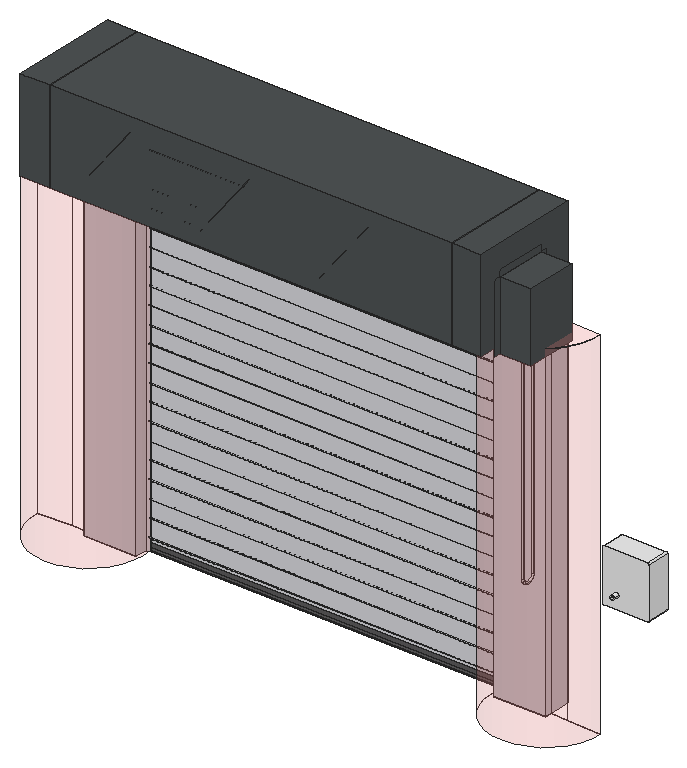
Revit family "RapidShield-High-Speed-Exterior-Metal-Door_OHD_Model-998_compact", category Specialty Equipment, host Wall, Revit 2023
Family settings
  Host = Wall
  Round Connector Dimension = Use Diameter
  Part Type = Normal
  OmniClass Number = 23.30.10.21.34
  OmniClass Title = Industrial Doors
  Enable Cutting in Views = No
  Always vertical = Yes
  Cut with Voids When Loaded = No
  Maintain Annotation Orientation = No
  Shared = No
  Room Calculation Point = No
Parameters (values of type "230 volts, three phase, 60 Hz (208-245V range)")
  Version = "1.00.01"  # constant formula
  True Width [instance] = [Door Width (Real)]  # 10' - 0"
  True Height [instance] = [Door Height (Real)]  # 10' - 0"
  Top Slat Array [instance] = if(Amount of Top Slats > 1, 1 < 2, 1 > 2)  # yes
  Slat Type [instance] = if(or(Slat Option = 1, Slat Option < 1), "Standard", if(Slat Option = 2, "Perforated Aluminum Slats", "Polycarbonate Panels"))  # "Standard"
  Slat Option [instance] = 1
  Slat Material = Metal - Overhead Door - Silver
  Slat Height = 0' - 5 13/16"  # constant formula
  Real Width [instance] = roundup([Door Width (Real)] / 1' 0")  # 10
  Product Page URL = "https://www.overheaddoor.com/high-speed-doors-998"
  Powder Coat (Note) = "PowderGuard® Premium powder coat options are available in approximately 200 colors as well as custom matching to specification. "  # constant formula
  Optional Slat Array [instance] = not([1st Optional Slat])  # yes
  Motor Cover [instance] = yes
  Lookup Table = "Door Limits"  # constant formula
  Insulated Slat Option [instance] = if(or(Guide Option = 2, Guide Option = 4, Guide Option > 4), 1 = 1, 1 = 2)  # no
  Hood Option [instance] = yes
  Hood Material = Metal - Overhead Door - Black
  Headroom Height [instance] = if(or(Header Option < 1, Header Option = 1), 2' 8", 3' 2")  # 2' - 8"
  Header Type [instance] = if(or(Header Option < 1, Header Option = 1), "Standard Header", "Large Header")  # "Standard Header"
  Header Option [instance] = if(or(True Height < 15' 0", True Height = 15' 0"), 1, 2)  # 1
  Guide Type [instance] = if(or(Guide Option < 1, Guide Option = 1), "Wide Guide - Non-Insulated", if(Guide Option = 2, "Wide Guide - Insulated", if(Guide Option = 3, "Slim Guide - Non-Insulated", "Slim Guide - Insulated")))  # "Wide Guide - Non-Insulated"
  Guide Option [instance] = 1
  External Transformer = no
  Door Width (Real) [instance] = if(Door Width > Max Door Width, Max Door Width, if(Door Width < Min Door Width, Min Door Width, Door Width))  # 10' - 0"
  Door Height (Real) [instance] = if(Door Height > Max Door Height, Max Door Height, if(Door Height < Min Door Height, Min Door Height, Door Height))  # 10' - 0"
  Optional Slats Section Height [instance] = Slat Height * [Amount of Optional Slats (Real)]  # 1' - 11 1/4"
  Rough Width [instance] = [Door Width (Real)]  # 10' - 0"
  Rough Height [instance] = [Door Height (Real)] - 0' 1 1/4"  # 9' - 10 3/4"
  Opening Width [instance] = Rough Width  # 10' - 0"
  Opening Height [instance] = Rough Height  # 9' - 10 3/4"
  Voltage = 230 V
  URL = "https://www.overheaddoor.com/"
  Product data url = "https://www.bimobject.com/overhead-door/product/high-speed-exterior-metal-door-998"
  Product Guid = "47d9bbf6-8e58-479b-a541-8becfc739ce1"
  Power Factor = 1
  Number of Poles = 3
  Model = "998"  # constant formula
  Min Door Width [instance] = 4' - 0"  # constant formula
  Min Door Height [instance] = 2' - 0"  # constant formula
  Max Door Width [instance] = if(or(Slat Option = 2, Guide Option = 2, Guide Option = 4, Guide Option > 4), 20' 0", 26' 0")  # 26' - 0"
  Max Door Height [instance] = if(or(Guide Option = 1, Guide Option < 1), size_lookup(Lookup Table, "A", 21' 0", Real Width), if(Guide Option = 2, 21' 0", if(Guide Option = 3, size_lookup(Lookup Table, "B", 21' 0", Real Width), if(or(Guide Option = 4, Guide Option > 4), size_lookup(Lookup Table, "C", 21' 0", Real Width), 21' 0"))))  # 21' - 0"
  Manufacturer = "Overhead Door Corporation"  # constant formula
  Frequency = 60 Hz  # constant formula
  Wall Closure = By host
  Floor To (CL) of Shaft [instance] = if(or(Header Option < 1, Header Option = 1), Opening Height + 1' 4", Opening Height + 1' 7 161/256")  # 11' - 2 3/4"
  Dimensions Limit (Note) [instance] = "Maximum Height dependant on Width input, see specifications for further detail"  # constant formula
  Default Elevation = 0' - 0"
  Date Updated = "2026/05/29"  # constant formula
  Connector Description = "Rapidflex Large Control Panel"  # constant formula
  Bottom Slats Section Height [instance] = Slat Height * [Amount of Bottom Slats (Real)]  # 3' - 10 1/2"
  Finish Material = Metal - Overhead Door - Silver
  Door Width [instance] = 10' - 0"
  Door Height [instance] = 10' - 0"
  Description = "RapidShield® Model 998 is a heavy-duty exterior door that features a solid aluminum curtain with opening speeds up to 80” per second. Engineered for high cycles and easy operation, RapidShield® Model 998 has been independently tested and is capable of withstanding wind load of up to 100 psf*. With a focus on safety, RapidShield® Model 998 also features patent-pending integrated curtain-monitoring device, a safety light curtain, and a monitored wireless reversing edge. This door is perfect for applications where security and privacy are a priority."  # constant formula
  Current = 20 A
  Clearance [instance] = yes
  Bottom Rail (Width) = 0' - 9 3/8"  # constant formula
  Bottom Slat Array [instance] = not([1st Bottom Slat])  # yes
  BimObject_Variable_Connectors = "No"  # constant formula
  Backroom Depth [instance] = if(or(Header Option < 1, Header Option = 1), 3' 0 1/2", 3' 6 1/2")  # 3' - 0 1/2"
  Apparent Load Phase 3 = if(Number of Poles = 1, 0 VA, (Voltage * Current * sqrt(3)) / 3)  # 2655.81 VA
  Apparent Load Phase 2 = if(Number of Poles = 1, 0 VA, (Voltage * Current * sqrt(3)) / 3)  # 2655.81 VA
  Apparent Load Phase 1 = if(Number of Poles = 1, Voltage * Current, (Voltage * Current * sqrt(3)) / 3)  # 2655.81 VA
  Amount of Top Slats (Array) [instance] = if(Amount of Top Slats < 2, 2, Amount of Top Slats)  # 9
  Amount of Top Slats [instance] = if((Actual Number of Slats - [Amount of Optional Slats (Real)] - [Amount of Bottom Slats (Real)]) < 1, 0, (Actual Number of Slats - [Amount of Optional Slats (Real)] - [Amount of Bottom Slats (Real)]))  # 9
  Amount of Optional Slats (Real) [instance] = if(or(Amount of Optional Slats = 1, Amount of Optional Slats < 1), 1, if(Amount of Optional Slats > 4, 4, Amount of Optional Slats))  # 4
  Amount of Optional Slats (Array) [instance] = if(or([Amount of Optional Slats (Real)] < 2, [Amount of Optional Slats (Real)] = 2), 2, [Amount of Optional Slats (Real)])  # 4
  Amount of Optional Slats [instance] = 4
  Amount of Bottom Slats (Real) [instance] = if(Amount of Bottom Slats < 1, 1, if(Amount of Bottom Slats > (Actual Number of Slats - [Amount of Optional Slats (Real)]), (Actual Number of Slats - [Amount of Optional Slats (Real)]), Amount of Bottom Slats))  # 8
  Amount of Bottom Slats (Array) [instance] = if(or([Amount of Bottom Slats (Real)] < 2, [Amount of Bottom Slats (Real)] = 2), 2, [Amount of Bottom Slats (Real)])  # 8
  Amount of Bottom Slats [instance] = 8
  Actual Number of Slats [instance] = roundup(([Door Height (Real)] - [Bottom Rail (Width)]) / 0' 5 13/16" + 1)  # 21
  1st Top Slat [instance] = if(Amount of Top Slats = 1, 1 < 2, 1 > 2)  # no
  1st Optional Slat [instance] = if(or([Amount of Optional Slats (Real)] = 1, [Amount of Optional Slats (Real)] < 1), 1 < 2, 1 > 2)  # no
  1st Bottom Slat [instance] = if([Amount of Bottom Slats (Real)] = 1, 1 < 2, 1 > 2)  # no
Reference planes (in)
  plane 1 "Center (Front/Back)": y = 0
  plane 2 "Center (Left/Right)": x = 0
  plane 3 "Left": x = -60
  plane 4 "Right": x = 60
  plane 5 "Top": z = 120
  plane 6 "Exterior": y = 3
  plane 7 "Interior": y = -3
  plane 8: x = 60
  plane 9: x = -60
  plane 10: z = 118.75
  plane 11: z = 150.75
  plane 12 "Main": y = -7.11719
  plane 13: y = -39.5
  plane 14 "Bottom Rail": z = 9.375
  plane 15 "Main Door Block": y = -3
  plane 16: z = 47.47
  plane 17: z = 61.6875
  plane 18: z = 73.3125
  plane 19: z = 50.0625
  plane 20: z = 2.5
  plane 21: y = -7.61719
  plane 22: y = -6.61719
  plane 23 "1st Bottom Slat": z = 2.5
  plane 24: z = 79.125
  plane 25: z = 15.1875
  plane 26: z = 3.5625
Forms (in)
  Extrusion 1, solid, material "Plastic - Overhead Door - Nylon"
    sketch origin (0, 0, 0) x (0, 1, 0) y (0, 0, 1)
      loop
        line (-7.61719, 2.5) -> (-7.61719, 1.064) -> (-7.73131, 0.25198) -> (-7.93536, 0) -> (-6.29902, 0) -> (-6.50307, 0.25198) -> (-6.61719, 1.064) -> (-6.61719, 2.5) -> (-7.61719, 2.5)
    from -60 to 60
Lines and regions (in)
  Opening 1
    outline origin (-90, -3, 0) x (1, 0, 0) y (0, 0, 1)
      loop
        line (30, 0) -> (150, 0) -> (150, 118.75) -> (30, 118.75) -> (30, 0)
Text (in)
  text "Exterior" at (-74.96733, 27.31104, 0), in view "Ref. Level"
  text "Interior" at (-74.96733, -25.14366, 0), in view "Ref. Level"
  text "Exterior" at (0, 40.15149, 123.01588), in view "Right"
  text "Interior" at (0, -64.39139, 123.01588), in view "Right"
  text "Interior" at (0, -31.01599, 123.00693), in view "Left"
  text "Exterior" at (0, 54.57065, 123.00693), in view "Left"
Dimensions and locks (in)
  equal spacing: plane 3 "Left", plane 2 "Center (Left/Right)", plane 4 "Right"
  "Door Height (Real)": level to plane 5 "Top"
  "Door Width (Real)": plane 3 "Left" to plane 4 "Right"
  host wall to plane 5 "Top" = 10' - 0"
  level to host wall = 38' - 3.59655"
  "Rough Height": level to plane 10
  equal spacing: plane 9, plane 2 "Center (Left/Right)", plane 8
  "Rough Width": plane 8 to plane 9
  "Headroom Height": plane 10 to plane 11
  "Backroom Depth": plane 7 "Interior" to plane 13
  "Bottom Rail (Width)": plane 14 "Bottom Rail" to level
  plane 10 to level = 9' - 10 3/4"
  locked: plane 15 "Main Door Block" to plane 12 "Main" at 4.11719
  plane 1 "Center (Front/Back)" to plane 7 "Interior" = 0' - 3"
  equal spacing: plane 18, plane 17, plane 19
  "Optional Slats Section Height": plane 18 to plane 19
  equal spacing: plane 21, plane 12 "Main", plane 22
  locked: plane 21 to plane 22 at 1
  locked: Extrusion 1 sketch curve to Extrusion 1 sketch curve at 0.82  (x2)
  locked: plane 20 to Extrusion 1 sketch curve at 1.436  (x2)
  locked: plane 23 "1st Bottom Slat" to level at 2.5
  equal spacing: group 1, group 7, group 8, group 2  (x3)
  "Slat Height": plane 18 to plane 24
  equal spacing: group 3, group 4, group 15, group 16, group 17, group 18, group 19, group 20, group 21  (x3)
  "Slat Height": plane 25 to plane 14 "Bottom Rail"
  "Bottom Slats Section Height": plane 19 to plane 26
  locked: plane 26 to level at 3.5625
  equal spacing: group 5, group 6, group 9, group 10, group 11, group 12, group 13, group 14  (x3)
  plane 23 "1st Bottom Slat" to plane 26 = 0' - 1 1/16"
  locked: Extrusion 1 sketch curve to Extrusion 1 sketch curve (angle 172.00°)  (x2)
  locked: Extrusion 1 sketch curve to Extrusion 1 sketch curve (angle 149.00°)  (x2)
  aligned and locked: Opening 1 sketch curve to level
  aligned and locked: plane 6 "Exterior" to host wall
  aligned and locked: host wall to plane 7 "Interior"
  aligned and locked: plane 9 to Opening 1 sketch curve
  aligned and locked: plane 8 to Opening 1 sketch curve
  aligned and locked: Opening 1 sketch curve to plane 10
  aligned and locked: Extrusion 1 to plane 4 "Right"
  aligned and locked: plane 3 "Left" to Extrusion 1
  aligned and locked: nested 1 to plane 7 "Interior"
  aligned and locked: nested 1 to plane 2 "Center (Left/Right)"
  aligned and locked: level to nested 1
  aligned and locked: plane 15 "Main Door Block" to plane 7 "Interior"
  aligned and locked: plane 20 to Extrusion 1 sketch curve
  aligned and locked: plane 21 to Extrusion 1 sketch curve
  aligned and locked: plane 22 to Extrusion 1 sketch curve
  aligned and locked: Extrusion 1 sketch curve to level
  aligned and locked: nested 2 to plane 19
  aligned and locked: plane 18 to nested 3
  aligned and locked: plane 12 "Main" to nested 3
  aligned and locked: plane 12 "Main" to nested 2
  aligned and locked: nested 4 to plane 19
  aligned and locked: plane 18 to nested 5
  aligned and locked: plane 12 "Main" to nested 4
  aligned and locked: plane 12 "Main" to nested 5
  aligned and locked: plane 18 to nested 6
  aligned and locked: nested 7 to plane 24
  aligned and locked: plane 12 "Main" to nested 6
  aligned and locked: plane 12 "Main" to nested 7
  aligned and locked: nested 8 to plane 26
  aligned and locked: nested 9 to plane 14 "Bottom Rail"
  aligned and locked: plane 12 "Main" to nested 9
  aligned and locked: plane 12 "Main" to nested 8
  aligned and locked: nested 10 to plane 26
  aligned and locked: nested 10 to plane 12 "Main"
Nested families (in)
  nested 1: "Lifts" at (0, -3, 0) x (-1, 0, 0) z (0, 0, 1), Header Option <- "Header Option", Guid Option <- "Guide Option", Header Height <- "Headroom Height", Header Width <- "Backroom Depth", Motor Cover <- "Motor Cover", type "Frame Unit"
    with Spool Radius 1' - 2", Right Motor Position yes, Motor Cover Off no, Motor Cover yes, Masking Region Right Motor no, Masking Region Left Motor no, Left Motor Position no, Header Width 3' - 0 1/2", Header Option 1, Header Height 2' - 8", Guid Width 1' - 5 1/4", Guid Option 1, Floor To (CL) of Shaft 11' - 2 3/4", Electric Operator Position 17' - 1 1/2", Clearance (Wide Guid) yes, Clearance (Slim Guid) no, CL Shaft Offset 1' - 0"
  nested 2: "Slat" at (0, -7.11719, 55.875) x (1, 0, 0) z (0, 0, -1), visible <- "1st Optional Slat", Slat Option <- "Slat Option", type "Slat"
    with Standard Slat Bottom Rail no, Standard Slat yes, Slat Option 1, Polycarbonate Slat Bottom Rail no, Polycarbonate Slat no, Perforated Slat Bottom Rail no, Perforated Slat no, Bottom Rail no
  nested 3: "Slat" at (0, -7.11719, 79.125) x (1, 0, 0) z (0, 0, -1), visible <- "1st Top Slat", type "Slat"
    with Standard Slat Bottom Rail no, Standard Slat yes, Slat Option 1, Polycarbonate Slat Bottom Rail no, Polycarbonate Slat no, Perforated Slat Bottom Rail no, Perforated Slat no, Bottom Rail no
  nested 4: "Slat" at (0, -7.11719, 55.875) x (1, 0, 0) z (0, 0, -1), visible <- "Optional Slat Array", Slat Option <- "Slat Option", type "Slat"
    with Standard Slat Bottom Rail no, Standard Slat yes, Slat Option 1, Polycarbonate Slat Bottom Rail no, Polycarbonate Slat no, Perforated Slat Bottom Rail no, Perforated Slat no, Bottom Rail no
  nested 5: "Slat" at (0, -7.11719, 73.3125) x (1, 0, 0) z (0, 0, -1), visible <- "Optional Slat Array", Slat Option <- "Slat Option", type "Slat"
    with Standard Slat Bottom Rail no, Standard Slat yes, Slat Option 1, Polycarbonate Slat Bottom Rail no, Polycarbonate Slat no, Perforated Slat Bottom Rail no, Perforated Slat no, Bottom Rail no
  nested 6: "Slat" at (0, -7.11719, 79.125) x (1, 0, 0) z (0, 0, -1), visible <- "Top Slat Array", type "Slat"
    with Standard Slat Bottom Rail no, Standard Slat yes, Slat Option 1, Polycarbonate Slat Bottom Rail no, Polycarbonate Slat no, Perforated Slat Bottom Rail no, Perforated Slat no, Bottom Rail no
  nested 7: "Slat" at (0, -7.11719, 84.9375) x (1, 0, 0) z (0, 0, -1), visible <- "Top Slat Array", type "Slat"
    with Standard Slat Bottom Rail no, Standard Slat yes, Slat Option 1, Polycarbonate Slat Bottom Rail no, Polycarbonate Slat no, Perforated Slat Bottom Rail no, Perforated Slat no, Bottom Rail no
  nested 8: "Slat" at (0, -7.11719, 9.375) x (1, 0, 0) z (0, 0, -1), visible <- "Bottom Slat Array", type "Slat"
    with Standard Slat Bottom Rail no, Standard Slat yes, Slat Option 1, Polycarbonate Slat Bottom Rail no, Polycarbonate Slat no, Perforated Slat Bottom Rail no, Perforated Slat no, Bottom Rail no
  nested 9: "Slat" at (0, -7.11719, 15.1875) x (1, 0, 0) z (0, 0, -1), visible <- "Bottom Slat Array", type "Slat"
    with Standard Slat Bottom Rail no, Standard Slat yes, Slat Option 1, Polycarbonate Slat Bottom Rail no, Polycarbonate Slat no, Perforated Slat Bottom Rail no, Perforated Slat no, Bottom Rail no
  nested 10: "Slat" at (0, -7.11719, 3.5625), type "Slat"
    with Standard Slat Bottom Rail yes, Standard Slat yes, Slat Option 1, Polycarbonate Slat Bottom Rail no, Polycarbonate Slat no, Perforated Slat Bottom Rail no, Perforated Slat no, Bottom Rail yes
  nested 11: "Slat" at (0, -7.11719, 61.6875) x (1, 0, 0) z (0, 0, -1), visible <- "Optional Slat Array", Slat Option <- "Slat Option", type "Slat"
    with Standard Slat Bottom Rail no, Standard Slat yes, Slat Option 1, Polycarbonate Slat Bottom Rail no, Polycarbonate Slat no, Perforated Slat Bottom Rail no, Perforated Slat no, Bottom Rail no
  nested 12: "Slat" at (0, -7.11719, 67.5) x (1, 0, 0) z (0, 0, -1), visible <- "Optional Slat Array", Slat Option <- "Slat Option", type "Slat"
    with Standard Slat Bottom Rail no, Standard Slat yes, Slat Option 1, Polycarbonate Slat Bottom Rail no, Polycarbonate Slat no, Perforated Slat Bottom Rail no, Perforated Slat no, Bottom Rail no
  nested 13: "Slat" at (0, -7.11719, 21) x (1, 0, 0) z (0, 0, -1), visible <- "Bottom Slat Array", type "Slat"
    with Standard Slat Bottom Rail no, Standard Slat yes, Slat Option 1, Polycarbonate Slat Bottom Rail no, Polycarbonate Slat no, Perforated Slat Bottom Rail no, Perforated Slat no, Bottom Rail no
  nested 14: "Slat" at (0, -7.11719, 26.8125) x (1, 0, 0) z (0, 0, -1), visible <- "Bottom Slat Array", type "Slat"
    with Standard Slat Bottom Rail no, Standard Slat yes, Slat Option 1, Polycarbonate Slat Bottom Rail no, Polycarbonate Slat no, Perforated Slat Bottom Rail no, Perforated Slat no, Bottom Rail no
  nested 15: "Slat" at (0, -7.11719, 32.625) x (1, 0, 0) z (0, 0, -1), visible <- "Bottom Slat Array", type "Slat"
    with Standard Slat Bottom Rail no, Standard Slat yes, Slat Option 1, Polycarbonate Slat Bottom Rail no, Polycarbonate Slat no, Perforated Slat Bottom Rail no, Perforated Slat no, Bottom Rail no
  nested 16: "Slat" at (0, -7.11719, 38.4375) x (1, 0, 0) z (0, 0, -1), visible <- "Bottom Slat Array", type "Slat"
    with Standard Slat Bottom Rail no, Standard Slat yes, Slat Option 1, Polycarbonate Slat Bottom Rail no, Polycarbonate Slat no, Perforated Slat Bottom Rail no, Perforated Slat no, Bottom Rail no
  nested 17: "Slat" at (0, -7.11719, 44.25) x (1, 0, 0) z (0, 0, -1), visible <- "Bottom Slat Array", type "Slat"
    with Standard Slat Bottom Rail no, Standard Slat yes, Slat Option 1, Polycarbonate Slat Bottom Rail no, Polycarbonate Slat no, Perforated Slat Bottom Rail no, Perforated Slat no, Bottom Rail no
  nested 18: "Slat" at (0, -7.11719, 50.0625) x (1, 0, 0) z (0, 0, -1), visible <- "Bottom Slat Array", type "Slat"
    with Standard Slat Bottom Rail no, Standard Slat yes, Slat Option 1, Polycarbonate Slat Bottom Rail no, Polycarbonate Slat no, Perforated Slat Bottom Rail no, Perforated Slat no, Bottom Rail no
  nested 19: "Slat" at (0, -7.11719, 90.75) x (1, 0, 0) z (0, 0, -1), visible <- "Top Slat Array", type "Slat"
    with Standard Slat Bottom Rail no, Standard Slat yes, Slat Option 1, Polycarbonate Slat Bottom Rail no, Polycarbonate Slat no, Perforated Slat Bottom Rail no, Perforated Slat no, Bottom Rail no
  nested 20: "Slat" at (0, -7.11719, 96.5625) x (1, 0, 0) z (0, 0, -1), visible <- "Top Slat Array", type "Slat"
    with Standard Slat Bottom Rail no, Standard Slat yes, Slat Option 1, Polycarbonate Slat Bottom Rail no, Polycarbonate Slat no, Perforated Slat Bottom Rail no, Perforated Slat no, Bottom Rail no
  nested 21: "Slat" at (0, -7.11719, 102.375) x (1, 0, 0) z (0, 0, -1), visible <- "Top Slat Array", type "Slat"
    with Standard Slat Bottom Rail no, Standard Slat yes, Slat Option 1, Polycarbonate Slat Bottom Rail no, Polycarbonate Slat no, Perforated Slat Bottom Rail no, Perforated Slat no, Bottom Rail no
  nested 22: "Slat" at (0, -7.11719, 108.1875) x (1, 0, 0) z (0, 0, -1), visible <- "Top Slat Array", type "Slat"
    with Standard Slat Bottom Rail no, Standard Slat yes, Slat Option 1, Polycarbonate Slat Bottom Rail no, Polycarbonate Slat no, Perforated Slat Bottom Rail no, Perforated Slat no, Bottom Rail no
  nested 23: "Slat" at (0, -7.11719, 114) x (1, 0, 0) z (0, 0, -1), visible <- "Top Slat Array", type "Slat"
    with Standard Slat Bottom Rail no, Standard Slat yes, Slat Option 1, Polycarbonate Slat Bottom Rail no, Polycarbonate Slat no, Perforated Slat Bottom Rail no, Perforated Slat no, Bottom Rail no
  nested 24: "Slat" at (0, -7.11719, 119.8125) x (1, 0, 0) z (0, 0, -1), visible <- "Top Slat Array", type "Slat"
    with Standard Slat Bottom Rail no, Standard Slat yes, Slat Option 1, Polycarbonate Slat Bottom Rail no, Polycarbonate Slat no, Perforated Slat Bottom Rail no, Perforated Slat no, Bottom Rail no
  nested 25: "Slat" at (0, -7.11719, 125.625) x (1, 0, 0) z (0, 0, -1), visible <- "Top Slat Array", type "Slat"
    with Standard Slat Bottom Rail no, Standard Slat yes, Slat Option 1, Polycarbonate Slat Bottom Rail no, Polycarbonate Slat no, Perforated Slat Bottom Rail no, Perforated Slat no, Bottom Rail no
Connectors (in)
  electrical at (102.74935, -10.54, 48), driven by "Number of Poles", driven by "Voltage", driven by "Apparent Load Phase 1", driven by "Power Factor", driven by "Connector Description", driven by "Apparent Load Phase 2", driven by "Apparent Load Phase 3"
    settings: on nested 1, index 1, voltage 230 V, apparent load 0 VA, apparent load phase1 2655.81 VA, apparent load phase2 2655.81 VA, apparent load phase3 2655.81 VA, power factor 1, load classification "Other", number of poles 3, system type 31, power factor state 1, is connector primary yes, connector utility no, sub classification motor no, connector description "Rapidflex Large Control Panel"
Definition of nested family "Lifts"
  Parameters (values of type "Frame Unit")
    Spool Radius [instance] = if(or(Header Option < 1, Header Option = 1), 1' 2", 1' 5.7")  # 1' - 5.7"
    Shaft Material = none
    Right Motor Position [instance] = yes
    Opening Width = 10' - 0"
    Naked Header = not(Hood Option)  # no
    Motor Cover Off [instance] = not(Motor Cover)  # no
    Motor Cover [instance] = yes
    Masking Region Right Motor [instance] = if(and(Right Motor Position, Motor Cover Off), 1 = 1, 1 = 2)  # no
    Masking Region Left Motor [instance] = if(and(Left Motor Position, Motor Cover Off), 1 = 1, 1 = 2)  # no
    Left Motor Position [instance] = yes
    Hood Option = yes
    Hood Material = none
    Header Width [instance] = 3' - 6 1/2"
    Header Option [instance] = 2
    Header Height [instance] = 3' - 2"
    Guid Width [instance] = if(or(Guid Option > 3, Guid Option = 3), 1' 0.63", 1' 5 1/4")  # 1' - 5 1/4"
    Guid Option [instance] = 1
    External Transformer = no
    Electric Operator Position [instance] = if(Right Motor Position, (3' 6 3/4" * 2 + Opening Width), 0' 0")  # 17' - 1 1/2"
    Clearance (Wide Guid) [instance] = if(and(Clearance, or(Guid Option < 2, Guid Option = 2)), 1 < 2, 1 > 2)  # yes
    Clearance (Slim Guid) [instance] = if(and(Clearance, or(Guid Option > 3, Guid Option = 3)), 1 < 2, 1 > 2)  # no
    Clearance = yes
    Opening Height = 9' - 10 3/4"
    Floor To (CL) of Shaft [instance] = if(or(Header Option < 1, Header Option = 1), Opening Height + 1' 4", Opening Height + 1' 7.63")  # 11' - 6.38"
    Finish Material = none
    CL Shaft Offset [instance] = if(or(Header Option < 1, Header Option = 1), 1' 0", 1' 4.53")  # 1' - 4.53"
    Analytic Construction = "<None>"
  Reference planes (in)
    plane 1 "Center (Front/Back)": y = 0
    plane 2: z = 0
    plane 3 "Center (Left/Right)": x = 0
    plane 4 "Left": x = -60
    plane 5 "Right": x = 60
    plane 6 "Center Line of Shaft": z = 138.38
    plane 7 "Headroom Top": z = 156.75
    plane 8 "Opening Height": z = 118.75
    plane 9: x = -87.5
    plane 10 "Shaft": x = -75.54413
    plane 11 "Box": x = -102.74935
    plane 12 "EBOX": z = 48
    plane 13: z = 39.09375
    plane 14: z = 56.90625
    plane 15: z = 43.5
    plane 16: y = 16.53
    plane 17: y = 7.54
    plane 18: x = 72.81
    plane 19: y = 2.73
    plane 20: y = 5.5094
    plane 21: y = 7.25
    plane 22: z = 120
    plane 23: x = -72.81
    plane 24: x = -40
    plane 25: x = -20
    plane 26: x = 0
    plane 27: z = 122.5
    plane 28: z = 154.25
    plane 29: x = 20
    plane 30: x = 40
    plane 31: y = 42.5
    plane 32: x = 87.5
    plane 33: y = 7.28
    plane 34: x = -77.68
    plane 35: x = 77.68
    plane 36: x = 77.25
    plane 37: x = -77.25
    plane 38: x = -94.99935
    plane 39: x = -110.49935
    plane 40 "Center L/MM": x = 75.54413
    plane 41 "Center L/NN": x = 102.75065
    plane 42: y = 7.54
  Forms (in)
    Extrusion 1, solid, material <- "Shaft Material"
      sketch origin (0, 0, 0) x (0, 1, 0) y (0, 0, 1)
        loop
          circle (21.25, 138.38) r 0.78
      from -87.5 to 87.5
    Extrusion 2, solid, material <- "Hood Material"
      sketch origin (60, 0, 0) x (0, -1, 0) y (0, 0, 1)
        loop
          circle (-21.25, 138.38) r 17.7
      from -6.97 to -16.504
    Extrusion 3, solid, material <- "Shaft Material"
      sketch origin (0, 0, 138.38) x (-1, 0, 0) y (0, -1, 0)
        loop
          line (-76.504, -16.61) -> (-76.745, -16.61) -> (-76.745, -23.86) -> (-76.504, -23.86) -> (-76.504, -16.61)
        loop
          line (76.504, -16.61) -> (76.504, -23.86) -> (76.745, -23.86) -> (76.745, -16.61) -> (76.504, -16.61)
      from 5.62 to -3
    Extrusion 4, solid
      sketch origin (-1.95651, 0, 0) x (1, 0, 0) y (0, 0, 1)
        loop
          line (-93.54284, 56.90625) -> (-108.04284, 56.90625)
          arc (-108.04284, 56.90625) -> (-108.39639, 56.7598) -> (-108.54284, 56.40625) r 0.5
          line (-108.54284, 56.40625) -> (-108.54284, 39.59375)
          arc (-108.54284, 39.59375) -> (-108.39639, 39.2402) -> (-108.04284, 39.09375) r 0.5
          line (-108.04284, 39.09375) -> (-93.54284, 39.09375)
          arc (-93.54284, 39.09375) -> (-93.18929, 39.2402) -> (-93.04284, 39.59375) r 0.5
          line (-93.04284, 39.59375) -> (-93.04284, 56.40625)
          arc (-93.04284, 56.40625) -> (-93.18929, 56.7598) -> (-93.54284, 56.90625) r 0.5
      from -7.54 to 0
    Revolve 5, solid, visible <- "Right Motor Position"
      sketch origin (-55.03203, -180, 43.5) x (-1, 0, 0) y (0, -1, 0)
        loop
          line (44.35732, -187.54) -> (43.60732, -187.54) -> (43.75732, -189.312) -> (44.35732, -189.312) -> (44.35732, -187.54)
        axis (44.35732, -187.54) -> (44.35732, -189.312)
      angle from 0 to 360
    Extrusion 6, solid, material <- "Finish Material"
      sketch origin (0, 0, 0) x (1, 0, 0) y (0, 1, 0)
        loop
          line (60, 0) -> (77.25, 0) -> (77.25, 9.5) -> (60, 9.5) -> (60, 5.5094) -> (59, 4.80919) -> (59, 3.43021) -> (60, 2.73) -> (60, 0)
        loop
          line (-77.25, 0) -> (-60, 0) -> (-60, 2.73) -> (-59, 3.43021) -> (-59, 4.80919) -> (-60, 5.5094) -> (-60, 9.5) -> (-77.25, 9.5) -> (-77.25, 0)
      from 0 to 120
    Extrusion 7, solid, visible <- "Clearance (Slim Guid)"
      sketch origin (0, 0, 0) x (1, 0, 0) y (0, 1, 0)
        loop
          line (59.00502, 4.81271) -> (60, 5.5094) -> (60, 9.5) -> (72.625, 9.5) -> (72.625, 7.25) -> (72.86879, 7.25) -> (85.75065, 7.92511)
          arc (85.75065, 7.92511) -> (70.70003, 20.78662) -> (59.00502, 4.81271) r 13.50118
        loop
          arc (-59.00502, 4.81271) -> (-70.69873, 20.79785) -> (-85.75065, 7.92511) r 13.50197
          line (-85.75065, 7.92511) -> (-72.86879, 7.25) -> (-72.625, 7.25) -> (-72.625, 9.5) -> (-60, 9.5) -> (-60, 5.5094) -> (-59.00502, 4.81271)
      from 0 to 120
    Extrusion 8, solid, material <- "Hood Material", visible <- "Hood Option"
      sketch origin (0, 0, 0) x (0, 1, 0) y (0, 0, 1)
        loop
          line (0, 120) -> (42.5, 120) -> (42.5, 156.75) -> (0, 156.75) -> (0, 120)
      from -67.475 to 67.475
    Sweep 9, solid, material <- "Hood Material"
      path origin (0, 0, 0) x (0, 1, 0) y (0, 0, 1)
        loop
          line (0, 120) -> (42.5, 120) -> (42.5, 156.75) -> (0, 156.75) -> (0, 120)
      profile origin (0, 0, 138.375) x (0, -1, 0) y (1, 0, 0)
        loop
          line (0, 67.475) -> (0, 77.25) -> (-0.5, 77.25) -> (-0.5, 67.475) -> (0, 67.475)
        loop
          line (0, -67.475) -> (-0.5, -67.475) -> (-0.5, -77.25) -> (0, -77.25) -> (0, -67.475)
    Extrusion 10, solid, material <- "Hood Material"
      sketch origin (0, 0, 0) x (1, 0, 0) y (0, 1, 0)
        loop
          line (77.25, 0) -> (77.25, 42.5) -> (76.745, 42.5) -> (76.745, 0) -> (77.25, 0)
        loop
          line (-77.25, 0) -> (-76.745, 0) -> (-76.745, 42.5) -> (-77.25, 42.5) -> (-77.25, 0)
      from 120 to 156.75
    Extrusion 11, solid, material <- "Hood Material"
      sketch origin (0, 0, 0) x (0, 1, 0) y (0, 0, 1)
        loop
          line (0.5, 120.5) -> (2.5, 120.5) -> (2.5, 124.5) -> (0.5, 124.5) -> (0.5, 120.5)
        loop
          line (0.5, 156.25) -> (0.5, 152.25) -> (2.5, 152.25) -> (2.5, 156.25) -> (0.5, 156.25)
        loop
          line (42, 156.25) -> (40, 156.25) -> (40, 152.25) -> (42, 152.25) -> (42, 156.25)
        loop
          line (42, 120.5) -> (42, 124.5) -> (40, 124.5) -> (40, 120.5) -> (42, 120.5)
      from -76.745 to 76.745
    Sweep 12, solid, material <- "Hood Material"
      path origin (0, 0, 0) x (1, 0, 0) y (0, 0, 1)
        loop
          line (-60, 121.5) -> (-60, 122.5) -> (-40, 154.25) -> (-20, 122.5) -> (0, 154.25) -> (20, 122.5) -> (40, 154.25) -> (60, 122.5) -> (60, 121.5)
      profile origin (-60, 0, 122) x (-1, 0, 0) y (0, -1, 0)
        loop
          line (1, -0.5) -> (-1, -0.5) -> (-1, -2.5) -> (1, -2.5) -> (1, -0.5)
        loop
          line (1, -40) -> (-1, -40) -> (-1, -42) -> (1, -42) -> (1, -40)
    Extrusion 13, void
      sketch origin (0, 0, 0) x (1, 0, 0) y (0, 0, 1)
        loop
          line (-78.35432, 152.25) -> (80.245, 152.25) -> (80.245, 186.25) -> (-78.35432, 186.25) -> (-78.35432, 152.25)
        loop
          line (80.245, 105.5) -> (80.245, 124.5) -> (-78.35432, 124.5) -> (-78.35432, 105.5) -> (80.245, 105.5)
      from 0 to -42.5
    Extrusion 14, solid, visible <- "Clearance (Wide Guid)"
      sketch origin (0, 0.03, 0) x (1, 0, 0) y (0, 1, 0)
        loop
          arc (-59, 4.77919) -> (-74.94522, 26.56962) -> (-94.4, 7.84572) r 17.92829
          line (-94.4, 7.84572) -> (-83.03307, 7.25) -> (-77.495, 7.25) -> (-77.495, 9.5) -> (-60, 9.5) -> (-60, 5.4794) -> (-59, 4.77919)
        loop
          line (59, 4.77919) -> (60, 5.4794) -> (60, 9.5) -> (77.495, 9.5) -> (77.495, 7.25) -> (83.03307, 7.25) -> (94.4, 7.84572)
          arc (94.4, 7.84572) -> (74.94522, 26.56962) -> (59, 4.77919) r 17.92829
      from 0 to 120
    Extrusion 15, solid, material <- "Hood Material"
      sketch origin (-60, -60, 48) x (0, -1, 0) y (0, 0, 1)
        loop
          circle (-81.25, 90.38) r 17.7
      from 6.97 to 16.504
    Extrusion 16, solid, visible <- "External Transformer"
      sketch origin (0, 0, 48) x (1, 0, 0) y (0, 1, 0)
        loop
          line (-109.62435, 0) -> (-95.87435, 0) -> (-95.87435, 0.125) -> (-98.24935, 0.125) -> (-98.24935, 9.3125) -> (-107.24935, 9.3125) -> (-107.24935, 0.125) -> (-109.62435, 0.125) -> (-109.62435, 0)
      from -19.13 to -10
    Revolve 17, solid, visible <- "Left Motor Position"
      sketch origin (-150.46926, -180, 43.5) x (1, 0, 0) y (0, 1, 0)
        loop
          line (44.35991, 187.54) -> (44.35991, 189.312) -> (43.75991, 189.312) -> (43.60991, 187.54) -> (44.35991, 187.54)
        axis (44.35991, 187.54) -> (44.35991, 189.312)
      angle from 0 to 360
  Cuts and joins
    joined: Sweep 9, Extrusion 10
    Extrusion 13 cuts Sweep 12
  Lines and regions (in)
    Masking region 1
      outline origin (0, 0, 0) x (1, 0, 0) y (0, 1, 0)
        loop
          line (-110.49935, 0) -> (-94.99935, 0) -> (-94.99935, 7.54) -> (-110.49935, 7.54) -> (-110.49935, 0)
    Masking region 2, visible <- "Right Motor Position"
      outline origin (0, 0, 0) x (1, 0, 0) y (0, 1, 0)
        loop
          line (-98.63935, 7.54) -> (-98.78935, 9.312) -> (-99.98935, 9.312) -> (-100.13935, 7.54) -> (-98.63935, 7.54)
    Masking region 3, visible <- "Naked Header"
      outline origin (0, 0, 0) x (1, 0, 0) y (0, 1, 0)
        loop
          line (-77.25, 42.5) -> (-77.25, 0) -> (-67.475, 0) -> (-67.475, 3.55) -> (-66.97, 3.55) -> (-66.97, 38.95) -> (-67.475, 38.95) -> (-67.475, 42.5) -> (-77.25, 42.5)
        loop
          line (67.475, 42.5) -> (67.475, 38.95) -> (66.97, 38.95) -> (66.97, 3.55) -> (67.475, 3.55) -> (67.475, 0) -> (77.25, 0) -> (77.25, 42.5) -> (67.475, 42.5)
    Masking region 4, visible <- "Naked Header"
      outline origin (0, 0, 0) x (1, 0, 0) y (0, 1, 0)
        loop
          line (67.475, 2.5) -> (-67.475, 2.5) -> (-67.475, 0.5) -> (67.475, 0.5) -> (67.475, 2.5)
        loop
          line (-66.97, 22.03) -> (-66.97, 20.47) -> (66.97, 20.47) -> (66.97, 22.03) -> (-66.97, 22.03)
        loop
          line (-67.475, 40) -> (67.475, 40) -> (67.475, 42) -> (-67.475, 42) -> (-67.475, 40)
    Masking region 5, visible <- "Naked Header"
      outline origin (0, 0, 0) x (1, 0, 0) y (0, 1, 0)
        loop
          line (-77.25, 9.5) -> (-77.25, 0) -> (-60, 0) -> (-60, 2.73) -> (-59, 3.43021) -> (-59, 4.80919) -> (-60, 5.5094) -> (-60, 9.5) -> (-77.25, 9.5)
        loop
          line (60, 0) -> (77.25, 0) -> (77.25, 9.5) -> (60, 9.5) -> (60, 5.5094) -> (59, 4.80919) -> (59, 3.43021) -> (60, 2.73) -> (60, 0)
    Masking region 6, visible <- "Hood Option"
      outline origin (0, 0, 0) x (1, 0, 0) y (0, 1, 0)
        loop
          line (77.25, 42.5) -> (-77.25, 42.5) -> (-77.25, 0) -> (77.25, 0) -> (77.25, 42.5)
    Masking region 7, visible <- "Naked Header"
      outline origin (0, 0, 0) x (1, 0, 0) y (0, 1, 0)
        loop
          line (-59.1721, 4.9297) -> (-59, 4.80919) -> (-59, 3.43021) -> (-59.1721, 3.3097) -> (59.1721, 3.3097) -> (59, 3.43021) -> (59, 4.80919) -> (59.1721, 4.9297) -> (-59.1721, 4.9297)
    Masking region 8, visible <- "Masking Region Left Motor"
      outline origin (0, 0, 0) x (1, 0, 0) y (0, 1, 0)
        loop
          line (77.25, 22.03) -> (77.25, 20.47) -> (80.479, 20.47) -> (80.479, 21.43043) -> (81.009, 21.43043) -> (81.009, 22.03) -> (80.41413, 22.03) -> (80.41413, 21.92998) -> (79.18006, 21.92998) -> (79.18006, 22.03) -> (77.25, 22.03)
        loop
          line (87.5, 22.03) -> (84.949, 22.03) -> (84.949, 21.43043) -> (85.479, 21.43043) -> (85.479, 20.47) -> (87.5, 20.47) -> (87.5, 22.03)
    Masking region 9, visible <- "Masking Region Right Motor"
      outline origin (0, 0, 0) x (1, 0, 0) y (0, 1, 0)
        loop
          line (-77.25, 22.03) -> (-79.18006, 22.03) -> (-79.18006, 21.92998) -> (-80.41413, 21.92998) -> (-80.41413, 22.03) -> (-81.009, 22.03) -> (-81.009, 21.43043) -> (-80.479, 21.43043) -> (-80.479, 20.47) -> (-77.25, 20.47) -> (-77.25, 22.03)
        loop
          line (-87.5, 22.03) -> (-87.5, 20.47) -> (-85.479, 20.47) -> (-85.479, 21.43043) -> (-84.949, 21.43043) -> (-84.949, 22.03) -> (-87.5, 22.03)
    Masking region 10, visible <- "Left Motor Position"
      outline origin (0, 0, 0) x (1, 0, 0) y (0, 1, 0)
        loop
          line (-87.5, 20.47) -> (-77.25, 20.47) -> (-77.25, 22.03) -> (-87.5, 22.03) -> (-87.5, 20.47)
    Masking region 11, visible <- "Right Motor Position"
      outline origin (0, 0, 0) x (1, 0, 0) y (0, 1, 0)
        loop
          line (87.5, 22.03) -> (77.25, 22.03) -> (77.25, 20.47) -> (87.5, 20.47) -> (87.5, 22.03)
    Masking region 12, visible <- "External Transformer"
      outline origin (0, 0, 0) x (1, 0, 0) y (0, 1, 0)
        loop
          line (-107.24935, 7.54) -> (-98.24935, 7.54) -> (-98.24935, 9.3125) -> (-107.24935, 9.3125) -> (-107.24935, 7.54)
    Masking region 13, visible <- "Left Motor Position"
      outline origin (-205.50129, 0, 0) x (0, 1, 0) y (-1, 0, 0)
        loop
          line (7.54, -98.64194) -> (7.54, -100.14194) -> (9.312, -99.99194) -> (9.312, -98.79194) -> (7.54, -98.64194)
    symbolic lines
      curve 1: line (-67.475, 42.5, 0) -> (-67.475, 0, 0)
      curve 2: line (67.475, 0, 0) -> (67.475, 42.5, 0)
  Dimensions and locks (in)
    equal spacing: plane 4 "Left", plane 3 "Center (Left/Right)", plane 5 "Right"
    "Opening Width": plane 4 "Left" to plane 5 "Right"
    "Header Height": plane 7 "Headroom Top" to plane 8 "Opening Height"
    "Opening Height": plane 8 "Opening Height" to level
    locked: plane 9 to plane 4 "Left" at 27.5
    locked: Extrusion 3 sketch curve to Extrusion 3 sketch curve at 0.241  (x2)
    locked: level to plane 12 "EBOX" at 48
    locked: plane 11 "Box" to Revolve 5 sketch curve at 3.36
    equal spacing: plane 14, plane 12 "EBOX", plane 13
    locked: plane 12 "EBOX" to plane 15 at 4.5
    locked: plane 13 to plane 14 at 17.8125
    locked: plane 10 "Shaft" to plane 4 "Left" at 15.54413
    locked: plane 16 to Extrusion 1 sketch curve at 4.72
    locked: plane 16 to Extrusion 2 sketch curve at 4.72
    locked: plane 16 to Extrusion 3 sketch curve at 0.08  (x2)
    locked: plane 16 to Extrusion 3 sketch curve at 7.33  (x2)
    locked: plane 17 to plane 1 "Center (Front/Back)" at 7.54
    locked: Revolve 5 sketch curve to Revolve 5 sketch curve at 0.6
    locked: Revolve 5 sketch curve to Revolve 5 sketch curve at 0.75
    locked: plane 17 to Revolve 5 sketch curve at 1.772
    "Guid Width": Extrusion 6 sketch curve to plane 4 "Left"
    "Guid Width": plane 5 "Right" to Extrusion 6 sketch curve
    locked: plane 1 "Center (Front/Back)" to plane 19 at 2.73
    locked: plane 1 "Center (Front/Back)" to plane 20 at 5.5094
    locked: Extrusion 6 sketch curve to plane 5 "Right" at 1
    locked: plane 4 "Left" to Extrusion 6 sketch curve at 1
    locked: plane 1 "Center (Front/Back)" to Extrusion 6 sketch curve at 9.5  (x2)
    locked: plane 21 to Extrusion 7 sketch curve at 2.25  (x2)
    locked: plane 1 "Center (Front/Back)" to plane 21 at 7.25
    "Header Width": plane 1 "Center (Front/Back)" to Extrusion 8 sketch curve
    locked: Extrusion 8 to plane 4 "Left" at 7.475
    locked: plane 5 "Right" to Extrusion 8 at 7.475
    locked: plane 22 to plane 8 "Opening Height" at 1.25
    "Header Width": plane 1 "Center (Front/Back)" to Sweep 9 sketch curve
    locked: plane 5 "Right" to Sweep 9 sketch curve at 7.475
    locked: Sweep 9 sketch curve to profile plane at 0.5
    "Header Width": plane 1 "Center (Front/Back)" to Extrusion 10 sketch curve  (x2)
    locked: Extrusion 7 sketch curve to plane 18 at 0.185
    locked: plane 23 to Extrusion 7 sketch curve at 0.185
    locked: Sweep 12 sketch curve to Sweep 12 sketch curve at 1  (x2)
    equal spacing: plane 4 "Left", plane 24, plane 25, plane 26, plane 29, plane 30, plane 5 "Right"
    locked: profile plane to Sweep 12 sketch curve at 1
    locked: profile plane to Sweep 12 sketch curve at 0.5
    locked: profile plane to Sweep 12 sketch curve at 2.5
    locked: plane 4 "Left" to Sweep 12 sketch curve at 1
    locked: plane 7 "Headroom Top" to plane 28 at 2.5
    equal spacing: Sweep 12 sketch curve, plane 4 "Left", Sweep 12 sketch curve
    equal spacing: Sweep 12 sketch curve, profile plane, Sweep 12 sketch curve
    locked: Masking region 3 sketch curve to Masking region 3 sketch curve at 0.505  (x2)
    locked: Masking region 4 sketch curve to plane 4 "Left" at 6.97
    locked: Masking region 4 sketch curve to plane 4 "Left" at 7.475
    locked: plane 5 "Right" to Masking region 4 sketch curve at 7.475
    locked: plane 27 to plane 8 "Opening Height" at 3.75
    locked: plane 7 "Headroom Top" to Extrusion 13 sketch curve at 4.5
    locked: Extrusion 13 sketch curve to plane 8 "Opening Height" at 5.75
    locked: Extrusion 11 to Extrusion 13 sketch curve at 19
    locked: Extrusion 13 sketch curve to Extrusion 11 at 34
    "Header Width": plane 1 "Center (Front/Back)" to plane 31
    locked: Extrusion 11 sketch curve to plane 31 at 2.5
    locked: Extrusion 11 sketch curve to plane 31 at 0.5
    locked: Sweep 12 sketch curve to plane 31 at 2.5
    locked: plane 31 to Sweep 12 sketch curve at 0.5
    "Floor To (CL) of Shaft": plane 6 "Center Line of Shaft" to level
    "CL Shaft Offset": plane 1 "Center (Front/Back)" to plane 16
    locked: plane 5 "Right" to plane 32 at 27.5
    locked: plane 33 to Extrusion 14 sketch curve at 2.25  (x2)
    locked: plane 1 "Center (Front/Back)" to plane 33 at 7.28  (x2)
    locked: plane 34 to Extrusion 14 sketch curve at 0.185
    locked: plane 4 "Left" to Extrusion 14 sketch curve at 1
    locked: plane 33 to Extrusion 14 sketch curve at 1.45822  (x2)
    locked: plane 34 to Extrusion 14 sketch curve at 1.18753
    locked: plane 35 to Extrusion 14 sketch curve at 0.185
    locked: plane 35 to Extrusion 14 sketch curve at 1.18753
    locked: Extrusion 14 sketch curve to plane 5 "Right" at 1
    locked: Extrusion 14 sketch curve to plane 34 at 5.35307
    locked: plane 35 to Extrusion 14 sketch curve at 5.35307
    locked: plane 18 to Extrusion 7 sketch curve at 12.94065
    locked: Extrusion 7 sketch curve to plane 18 at 13.80498
    locked: Extrusion 7 sketch curve to plane 18 at 0.54936
    locked: plane 21 to Extrusion 7 sketch curve at 0.12594
    locked: plane 21 to Extrusion 7 sketch curve at 0.13638
    locked: plane 23 to Extrusion 7 sketch curve at 0.55057
    locked: Extrusion 7 sketch curve to plane 23 at 12.94065
    locked: plane 5 "Right" to plane 18 at 12.81
    locked: plane 23 to plane 4 "Left" at 12.81
    locked: plane 23 to Extrusion 7 sketch curve at 13.80498
    locked: plane 34 to plane 4 "Left" at 17.68
    locked: plane 5 "Right" to plane 35 at 17.68
    locked: Extrusion 14 sketch curve to plane 34 at 16.72
    locked: plane 35 to Extrusion 14 sketch curve at 16.72
    locked: plane 5 "Right" to Masking region 4 sketch curve at 6.97
    locked: plane 37 to nested 1 at 5.729
    locked: nested 2 to plane 36 at 5.729
    "Guid Width": plane 4 "Left" to plane 37
    "Guid Width": plane 5 "Right" to plane 36
    locked: Extrusion 10 sketch curve to plane 36 at 0.505
    locked: plane 37 to Extrusion 10 sketch curve at 0.505
    locked: Sweep 9 sketch curve to plane 4 "Left" at 7.475
    locked: plane 36 to Extrusion 11 at 0.505
    locked: Extrusion 11 to plane 37 at 0.505
    locked: plane 37 to Extrusion 3 sketch curve at 0.746
    locked: Extrusion 3 sketch curve to plane 36 at 0.746
    locked: Extrusion 2 to plane 36 at 0.746
    locked: plane 37 to Extrusion 15 at 0.746
    locked: plane 11 "Box" to plane 39 at 7.75
    locked: plane 38 to plane 11 "Box" at 7.75
    locked: plane 36 to Masking region 8 sketch curve at 1.93006
    locked: plane 36 to Masking region 8 sketch curve at 3.16413
    locked: plane 36 to Masking region 8 sketch curve at 3.759
    locked: plane 36 to Masking region 8 sketch curve at 3.229
    locked: plane 36 to Masking region 8 sketch curve at 7.699
    locked: plane 36 to Masking region 8 sketch curve at 8.229
    locked: Masking region 8 sketch curve to Masking region 8 sketch curve at 1.56
    locked: Masking region 8 sketch curve to Masking region 8 sketch curve at 0.10002
    locked: Masking region 9 sketch curve to Masking region 9 sketch curve at 1.56
    locked: Masking region 9 sketch curve to Masking region 9 sketch curve at 0.10002
    locked: Masking region 9 sketch curve to plane 37 at 1.93006
    locked: Masking region 9 sketch curve to plane 37 at 3.16413
    locked: Masking region 9 sketch curve to plane 37 at 3.229
    locked: Masking region 9 sketch curve to plane 37 at 3.759
    locked: Masking region 9 sketch curve to plane 37 at 7.699
    locked: Masking region 9 sketch curve to plane 37 at 8.229
    locked: Masking region 9 sketch curve to Masking region 9 sketch curve at 0.59957
    locked: Masking region 8 sketch curve to Masking region 8 sketch curve at 0.59957
    locked: Masking region 10 sketch curve to Masking region 10 sketch curve at 1.56
    locked: Masking region 11 sketch curve to Masking region 11 sketch curve at 1.56
    locked: plane 1 "Center (Front/Back)" to Extrusion 16 sketch curve at 0.125
    locked: plane 11 "Box" to Extrusion 16 sketch curve at 4.5
    locked: Extrusion 16 sketch curve to plane 11 "Box" at 4.5
    locked: Extrusion 16 sketch curve to plane 11 "Box" at 6.875
    locked: plane 11 "Box" to Extrusion 16 sketch curve at 6.875
    plane 1 "Center (Front/Back)" to Extrusion 16 sketch curve = 0' - 9 5/16"
    locked: Masking region 4 sketch curve to Masking region 4 sketch curve at 2  (x2)
    locked: Masking region 4 sketch curve to Masking region 4 sketch curve at 1.56
    locked: plane 40 "Center L/MM" to plane 5 "Right" at 15.54413
    locked: plane 40 "Center L/MM" to plane 41 "Center L/NN" at 27.20651
    equal spacing: Masking region 1 sketch curve, plane 11 "Box", Masking region 1 sketch curve
    locked: Masking region 1 sketch curve to Masking region 1 sketch curve at 15.5
    locked: Revolve 17 sketch curve to Revolve 17 sketch curve at 0.6
    locked: Revolve 17 sketch curve to Revolve 17 sketch curve at 0.75
    locked: Revolve 17 sketch curve to plane 42 at 1.772
    locked: Revolve 17 sketch curve to plane 11 "Box" at 3.36
    "Electric Operator Position": plane 41 "Center L/NN" to plane 11 "Box"
    locked: Extrusion 1 sketch curve to Extrusion 1 sketch curve (radius 0' - 0.78")
    "Spool Radius": radius of Extrusion 2 sketch curve
    locked: Extrusion 14 sketch curve to Extrusion 14 sketch curve (radius 1' - 5.92829")  (x2)
    locked: Extrusion 7 sketch curve to Extrusion 7 sketch curve (radius 1' - 1.50118")
    locked: Extrusion 7 sketch curve to Extrusion 7 sketch curve (radius 1' - 1.50197")
    "Spool Radius": radius of Extrusion 15 sketch curve
    locked: Extrusion 6 sketch curve to plane 20 (angle 35.00°)
    locked: plane 19 to Extrusion 6 sketch curve (angle 35.00°)
    locked: plane 20 to Extrusion 6 sketch curve (angle 35.00°)
    locked: Extrusion 6 sketch curve to plane 19 (angle 35.00°)
    locked: plane 18 to Extrusion 7 sketch curve (angle 93.00°)
    locked: Extrusion 7 sketch curve to plane 23 (angle 93.00°)
    locked: Revolve 5 to Masking region 2 sketch curve (angle 85.1614°)
    locked: Masking region 2 sketch curve to Revolve 5 (angle 85.1614°)
    locked: Extrusion 14 sketch curve to plane 34 (angle 93.00°)
    locked: plane 35 to Extrusion 14 sketch curve (angle 93.00°)
    aligned and locked: plane 2 to level
    aligned and locked: plane 6 "Center Line of Shaft" to Extrusion 1 sketch curve
    aligned and locked: plane 9 to Extrusion 1
    aligned and locked: Extrusion 4 to plane 1 "Center (Front/Back)"
    aligned and locked: Extrusion 4 sketch curve to plane 13
    aligned and locked: plane 14 to Extrusion 4 sketch curve
    aligned and locked: plane 16 to nested 1
    aligned and locked: Revolve 5 sketch curve to Revolve 5 sketch curve
    aligned and locked: Revolve 5 sketch curve to plane 17
    aligned and locked: Extrusion 6 sketch curve to plane 1 "Center (Front/Back)"
    aligned and locked: Extrusion 6 sketch curve to plane 19  (x2)
    aligned and locked: Extrusion 6 sketch curve to plane 20  (x2)
    aligned and locked: plane 21 to Extrusion 7 sketch curve
    aligned and locked: Extrusion 7 sketch curve to Extrusion 6
    aligned and locked: plane 1 "Center (Front/Back)" to Extrusion 8 sketch curve
    aligned and locked: Extrusion 8 sketch curve to plane 7 "Headroom Top"
    aligned and locked: Extrusion 8 to plane 22
    aligned and locked: plane 22 to Extrusion 8 sketch curve
    aligned and locked: plane 22 to Extrusion 7
    aligned and locked: plane 22 to Extrusion 6
    aligned and locked: plane 1 "Center (Front/Back)" to Sweep 9 sketch curve
    aligned and locked: Sweep 9 sketch curve to plane 7 "Headroom Top"
    aligned and locked: Sweep 9 sketch curve to plane 22
    aligned and locked: Sweep 9 sketch curve to profile plane
    aligned and locked: profile plane to Sweep 9 sketch curve
    aligned and locked: Sweep 9 sketch curve to Sweep 9 sketch curve
    aligned and locked: Extrusion 10 sketch curve to plane 1 "Center (Front/Back)"  (x2)
    aligned and locked: plane 7 "Headroom Top" to Extrusion 10
    aligned and locked: Extrusion 10 to plane 22
    aligned and locked: plane 27 to Sweep 12 sketch curve  (x4)
    aligned and locked: plane 4 "Left" to Sweep 12 sketch curve
    aligned and locked: Sweep 12 sketch curve to plane 5 "Right"
    aligned and locked: plane 24 to Sweep 12 sketch curve
    aligned and locked: Sweep 12 sketch curve to plane 25
    aligned and locked: plane 26 to Sweep 12 sketch curve
    aligned and locked: plane 29 to Sweep 12 sketch curve
    aligned and locked: plane 30 to Sweep 12 sketch curve
    aligned and locked: Extrusion 4 to Masking region 1 sketch curve
    aligned and locked: Masking region 1 sketch curve to Extrusion 4
    aligned and locked: Masking region 2 sketch curve to Revolve 5  (x2)
    aligned and locked: curve 1 to Extrusion 8  (x2)
    aligned and locked: curve 2 to Extrusion 8
    aligned and locked: Masking region 3 sketch curve to cut or joined group of Sweep 9, Extrusion 10  (x7)
    aligned and locked: Masking region 3 sketch curve to Extrusion 6
    aligned and locked: Extrusion 2 to Masking region 3 sketch curve
    aligned and locked: Masking region 4 sketch curve to Masking region 4 sketch curve  (x2)
    aligned and locked: Masking region 6 sketch curve to Extrusion 8
    aligned and locked: Extrusion 8 to curve 2
    aligned and locked: Masking region 3 sketch curve to Masking region 3 sketch curve  (x2)
    aligned and locked: Masking region 5 to Masking region 7 sketch curve  (x2)
    aligned and locked: Masking region 7 sketch curve to Masking region 5  (x4)
    aligned and locked: plane 28 to Sweep 12 sketch curve  (x3)
    aligned and locked: Extrusion 13 to plane 31
    aligned and locked: Extrusion 11 sketch curve to Extrusion 11 sketch curve  (x2)
    aligned and locked: Extrusion 14 sketch curve to Extrusion 6
    aligned and locked: plane 22 to Extrusion 14
    aligned and locked: plane 33 to Extrusion 14 sketch curve  (x2)
    aligned and locked: Extrusion 1 to plane 32
    aligned and locked: Masking region 6 to cut or joined group of Sweep 9, Extrusion 10
    aligned and locked: nested 2 to plane 16
    aligned and locked: Extrusion 10 sketch curve to plane 37
    aligned and locked: Extrusion 10 sketch curve to plane 36
    aligned and locked: plane 37 to Sweep 9 sketch curve
    aligned and locked: plane 36 to Sweep 9 sketch curve
    aligned and locked: Masking region 6 sketch curve to plane 37
    aligned and locked: plane 36 to Masking region 6 sketch curve
    aligned and locked: Masking region 6 sketch curve to plane 31
    aligned and locked: plane 38 to Extrusion 4 sketch curve
    aligned and locked: plane 39 to Extrusion 4 sketch curve
    aligned and locked: Masking region 8 sketch curve to plane 36
    aligned and locked: Masking region 8 sketch curve to plane 32
    aligned and locked: Masking region 8 sketch curve to Masking region 8 sketch curve  (x4)
    aligned and locked: Masking region 9 sketch curve to Masking region 9 sketch curve  (x4)
    aligned and locked: Masking region 9 sketch curve to plane 37
    aligned and locked: Masking region 9 sketch curve to plane 9
    aligned and locked: Masking region 9 sketch curve to Extrusion 1
    aligned and locked: Masking region 8 sketch curve to Extrusion 1
    aligned and locked: Masking region 10 sketch curve to plane 9
    aligned and locked: Masking region 10 sketch curve to plane 37
    aligned and locked: Masking region 10 sketch curve to Extrusion 1
    aligned and locked: plane 32 to Masking region 11 sketch curve
    aligned and locked: plane 36 to Masking region 11 sketch curve
    aligned and locked: Masking region 11 sketch curve to Extrusion 1
    aligned and locked: Extrusion 16 sketch curve to plane 1 "Center (Front/Back)"
    aligned and locked: Extrusion 16 sketch curve to Extrusion 16 sketch curve
    aligned and locked: Masking region 12 sketch curve to Extrusion 4
    aligned and locked: Masking region 12 sketch curve to Extrusion 16  (x2)
    aligned and locked: Extrusion 16 to Masking region 12 sketch curve
    aligned and locked: Masking region 3 sketch curve to Extrusion 15  (x2)
    aligned and locked: Masking region 5 sketch curve to Extrusion 6  (x12)
    aligned and locked: Masking region 5 sketch curve to Masking region 5 sketch curve
    aligned and locked: Masking region 4 sketch curve to Extrusion 11  (x2)
    aligned and locked: Extrusion 1 to Masking region 4 sketch curve
    aligned and locked: Masking region 5 sketch curve to plane 1 "Center (Front/Back)"
    aligned and locked: plane 4 "Left" to Masking region 5 sketch curve  (x2)
    aligned and locked: Masking region 5 sketch curve to plane 37
    aligned and locked: Masking region 5 sketch curve to plane 36
    aligned and locked: plane 5 "Right" to Masking region 5 sketch curve  (x2)
    aligned and locked: Revolve 17 sketch curve to Revolve 17 sketch curve
    aligned and locked: Revolve 17 sketch curve to plane 42
  Automatic sketch dimensions
    plane 31 to curve 2 = 0' - 0"
    plane 31 to curve 1 = 0' - 0"
    Extrusion 2 sketch curve to plane 6 "Center Line of Shaft" = 0' - 0"
    Extrusion 4 sketch curve to Extrusion 4 sketch curve = 0' - 0 1/2"
    Extrusion 4 sketch curve to plane 14 = 0' - 0 1/2"
    Extrusion 4 sketch curve to plane 38 = 0' - 0 1/2"  (x2)
    Revolve 5 sketch curve to plane 16 = 0' - 2.35505"
    Revolve 5 sketch curve to plane 1 "Center (Front/Back)" = 0' - 3.07036"
    Extrusion 7 sketch curve to plane 21 = 0' - 0"
    Extrusion 7 sketch curve to plane 4 "Left" = 0' - 0"
    Extrusion 7 sketch curve to plane 5 "Right" = 0' - 0"
    Extrusion 7 sketch curve to Extrusion 7 sketch curve = 0' - 0.69669"
    Extrusion 11 sketch curve to plane 1 "Center (Front/Back)" = 0' - 2 1/2"  (x2)
    Extrusion 11 sketch curve to plane 1 "Center (Front/Back)" = 0' - 0 1/2"  (x2)
    plane 22 to Extrusion 11 sketch curve = 0' - 0 1/2"  (x2)
    Extrusion 11 sketch curve to Extrusion 11 sketch curve = 0' - 4"  (x2)
    Extrusion 11 sketch curve to plane 7 "Headroom Top" = 0' - 4 1/2"  (x2)
    Extrusion 11 sketch curve to plane 7 "Headroom Top" = 0' - 0 1/2"  (x2)
    plane 11 "Box" to Masking region 2 sketch curve = 0' - 2.61"
    Masking region 2 sketch curve to Masking region 2 sketch curve = 0' - 1.2"
    Masking region 3 sketch curve to Masking region 3 sketch curve = 0' - 0.505"
    Masking region 7 sketch curve to Masking region 7 sketch curve = 0' - 0.1721"  (x2)
    Extrusion 13 sketch curve to plane 37 = 0' - 1.10432"  (x2)
    plane 36 to Extrusion 13 sketch curve = 0' - 2.995"  (x2)
    Extrusion 14 sketch curve to plane 4 "Left" = 0' - 0"
    Extrusion 14 sketch curve to plane 5 "Right" = 0' - 0"
    Extrusion 14 sketch curve to Extrusion 14 sketch curve = 0' - 0.70021"
    Extrusion 15 sketch curve to plane 6 "Center Line of Shaft" = 0' - 0"
    Extrusion 15 sketch curve to plane 16 = 0' - 4.72"
    Revolve 17 sketch curve to plane 1 "Center (Front/Back)" = 0' - 3.07036"
    Revolve 17 sketch curve to plane 16 = 0' - 2.35505"
    Masking region 13 sketch curve to plane 11 "Box" = 0' - 2.61"
    Masking region 13 sketch curve to plane 1 "Center (Front/Back)" = 0' - 7.54"
    Masking region 13 sketch curve to Masking region 13 sketch curve = 0' - 1.772"
    Masking region 13 sketch curve to Masking region 13 sketch curve = 0' - 0.15"
    Masking region 13 sketch curve to Masking region 13 sketch curve = 0' - 1.2"
    Masking region 13 sketch curve to Masking region 13 sketch curve = 0' - 1 1/2"
    Extrusion 6 sketch curve to plane 1 "Center (Front/Back)" = 0' - 0"
    Extrusion 6 sketch curve to plane 4 "Left" = 0' - 0"  (x2)
    Extrusion 6 sketch curve to plane 5 "Right" = 0' - 0"  (x2)
  Nested families (in)
    nested 1: "General Motor" at (-82.979, 16.53, 138.38), visible <- "Right Motor Position", Motor Cover <- "Motor Cover", type "Family2"
      with Motor Cover Off no, Motor Cover yes
    nested 2: "General Motor" at (82.979, 16.53, 138.38) x (-1, 0, 0) z (0, 0, 1), visible <- "Left Motor Position", Motor Cover <- "Motor Cover", type "Family2"
      with Motor Cover Off no, Motor Cover yes
  Definition of nested family "General Motor"
    Parameters (values of type "Family2")
      Shaft Material = none
      Opening Height = 9' - 10 3/4"
      Motor Cover Off [instance] = not(Motor Cover)  # no
      Motor Cover [instance] = yes
      Hood Material = none
      Finish Material = none
      Default Elevation = 4' - 0"
      Chain Length = CL of Shaft - 4' 0" - 1' 7.31"  # 5' - 11.07"
      CL of Shaft = 11' - 6.38"
      Amount of Panels = 5
    Reference planes (in)
      plane 1 "Center (Front/Back)": y = 0
      plane 2: z = 0
      plane 3 "Center (Left/Right)": x = 0
      plane 4: z = 5.335
      plane 5: z = -18.546
      plane 6: z = -17.165
      plane 7: z = -19.311
      plane 8: z = -90.381
      plane 9: x = 5.729
      plane 10: z = -5.699
    Forms (in)
      Revolve 1, solid, material <- "Shaft Material"
        sketch origin (0, 0, -153.29) x (0, 0, -1) y (0, -1, 0)
          loop
            line (-158.625, -8.066) -> (-134.744, -8.066) -> (-134.744, -6.99312) -> (-136.091, -6.365) -> (-138.289, -6.365) -> (-138.289, -5.714) -> (-140.769, -5.586) -> (-142.108, -5.519) -> (-146.951, -5.519) -> (-148.093, -5.704) -> (-148.349, -5.704) -> (-156.66, -5.468) -> (-158.625, -5.468) -> (-158.625, -8.066)
          axis (-134.744, -8.066) -> (-158.625, -8.066)
        angle from 0 to 360
      Extrusion 2, solid, material <- "Shaft Material"
        sketch origin (0, 0, -153.29) x (0, 0, -1) y (0, -1, 0)
          loop
            line (-142.108, -13.875) -> (-142.108, -7.875) -> (-146.951, -7.875) -> (-146.951, -13.875) -> (-142.108, -13.875)
        from -2.5 to 2.5
      Extrusion 3, solid
        sketch origin (51.311, 0, 0) x (-1, 0, 0) y (0, -1, 0)
          loop
            line (45.582, -1.755) -> (45.582, -3.496) -> (45.832, -3.496) -> (45.832, -1.82199) -> (46.73959, -0.25) -> (52.45925, -0.25) -> (52.45925, 0) -> (46.59525, 0) -> (45.582, -1.755)
        from -4.56 to 4.56
      Extrusion 4, void
        sketch origin (51.311, 0, -153.29) x (1, 0, 0) y (0, 0, 1)
          loop
            line (-48.772, 148.73) -> (-52.45925, 148.73) -> (-52.45925, 149.98) -> (-50.72525, 149.98) -> (-50.72525, 156.6) -> (-52.45925, 156.6) -> (-52.45925, 157.85) -> (-48.772, 157.85) -> (-45.582, 157.0155) -> (-45.582, 159.2655) -> (-55.082, 159.2655) -> (-55.082, 147.3145) -> (-45.582, 147.3145) -> (-45.582, 149.5645) -> (-48.772, 148.73)
        from -15.80227 to 5
      Extrusion 5, solid, material <- "Shaft Material"
        sketch origin (0, 0, -153.29) x (0, 0, -1) y (0, -1, 0)
          loop
            line (-143.525, -4.641) -> (-143.525, -1.441) -> (-148.515, -1.18157) -> (-148.84, -1.18157) -> (-148.84, -1.57157) -> (-150.11271, -1.57157) -> (-150.11271, -4.51043) -> (-148.84, -4.51043) -> (-148.84, -4.90043) -> (-148.515, -4.90043) -> (-143.525, -4.641)
        from -2.5 to 2.5
      Extrusion 6, void
        sketch origin (51.311, 0, -153.29) x (1, 0, 0) y (0, 0, 1)
          loop
            line (-48.811, 148.515) -> (-49.24757, 143.525) -> (-53.37443, 143.525) -> (-53.811, 148.515) -> (-55.811, 148.515) -> (-55.811, 142.515) -> (-46.811, 142.515) -> (-46.811, 148.515) -> (-48.811, 148.515)
        from -4.90043 to -1.18157
